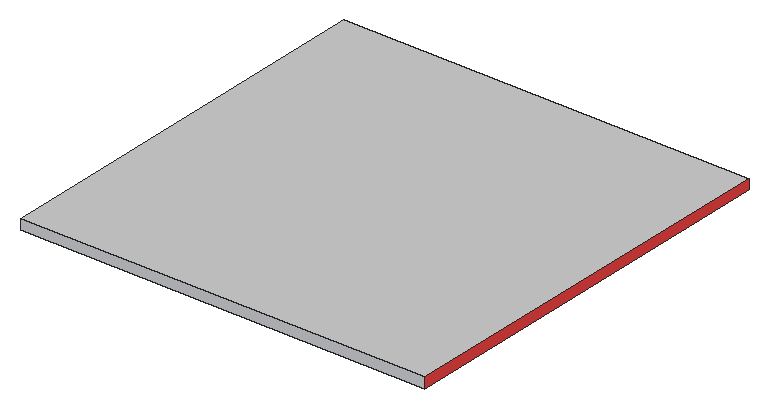
Revit family "GRIFO DUCHA KARIM DUE sin accesorios de ducha", category Aparatos sanitarios, Revit 2015
Parameters (values of type "88943500")
  URL = "http://www.griferiasgalindo.com/ducha/karim-due/grifo-ducha-karim-due?c=es"
  Teléfono = "(+34) 915 782 575"
  TIPO DE AGUA = "Fria/Caliente"
  REFERENCIA = "88943500"
  Presión Máxima = "5 bar"
  PESO BRUTO = ""
  Modelo = "KARIM DUE"
  Material = LATON CROMADO
  Imagen de tipo = <Ninguno>
  Fabricante = "PRESTO IBÉRICA"
  Default Elevation = 1219.2 mm
  ENTRADA = "Hembra 3/4\" a 1/2'' con excéntrica"
  Descripción = "Grifo monomando de ducha. Esta serie de diseño tubular con cuerpo consistente y ergonomía funcional, proporciona una mezcla de estética sencilla y funcionalidad apta para todo tipo de usuarios y ambientes de baño. KARIM aporta el sistema de ahorro de agua Flowing Ecosystem con sistema de doble posición de maneta que permite ahorrar hasta un 50 % de agua. Estético, moderno, funcional y ecológico, así es KARIM DUE."
  Código de montaje = "C1030220"
  Contacto = "info@prestoiberica.com"
  Conexión AF = yes
  Conexión AC = yes
  Comentarios de tipo = "◦Grifo monomando de ducha ecológico\r\n◦Acabado Cromo\r\n◦Disponible: sin o con accesorios de ducha\r\n◦Cartucho con discos cerámicos de diámetro 35 mm"
  CIERRE = ""
  CAUDAL = "20,2 l/min a 3 bar"
  Accionamiento = "Por maneta"
Reference planes
  plane 1 "Centro (Frontal/Posterior)": y = 0
  plane 2: z = 0
  plane 3 "Centro (Izquierda/Derecha)": x = 0
Forms (mm)
  Extrusion 1, solid
    sketch origin (0, 0, 0) x (1, 0, 0) y (0, 1, 0)
      loop
        line (-100, 100) -> (-100, -100) -> (100, -100) -> (100, 100) -> (-100, 100)
    from 0 to -5
Dimensions and locks
  Extrusion 1 sketch curve to plane 1 "Centro (Frontal/Posterior)" = 100 mm
  aligned and locked: plane 2 to Extrusion 1
  aligned and locked: level to Extrusion 1
Connectors
  piping at (-83.075, 0.58, -16.856), diameter 12.7
    settings: on import instance, index 1, connector inside diameter 609.6 mm, connector length 0 mm, flow factor 0, pipe flow 0.0 L/s, pressure drop 0.0 Pa, fitting loss kfactor 0, connector angle 0.00°, fixture units 0, engagement length 0 mm, angle of deflection 0.00°, flow configuration 0, flow direction 1, fitting loss method 0, system type 19, joint type 0, gender type 0, connector reference index -1, connector utility 0, adjustable connector no, is connector primary yes, connector description ""
  piping at (66.925, 0.58, -16.9), diameter 12.7
    settings: on import instance, index 2, connector inside diameter 609.6 mm, connector length 0 mm, flow factor 0, pipe flow 0.0 L/s, pressure drop 0.0 Pa, fitting loss kfactor 0, connector angle 0.00°, fixture units 0, engagement length 0 mm, angle of deflection 0.00°, flow configuration 0, flow direction 1, fitting loss method 0, system type 20, joint type 0, gender type 0, connector reference index -1, connector utility 0, adjustable connector no, is connector primary no, connector description ""
